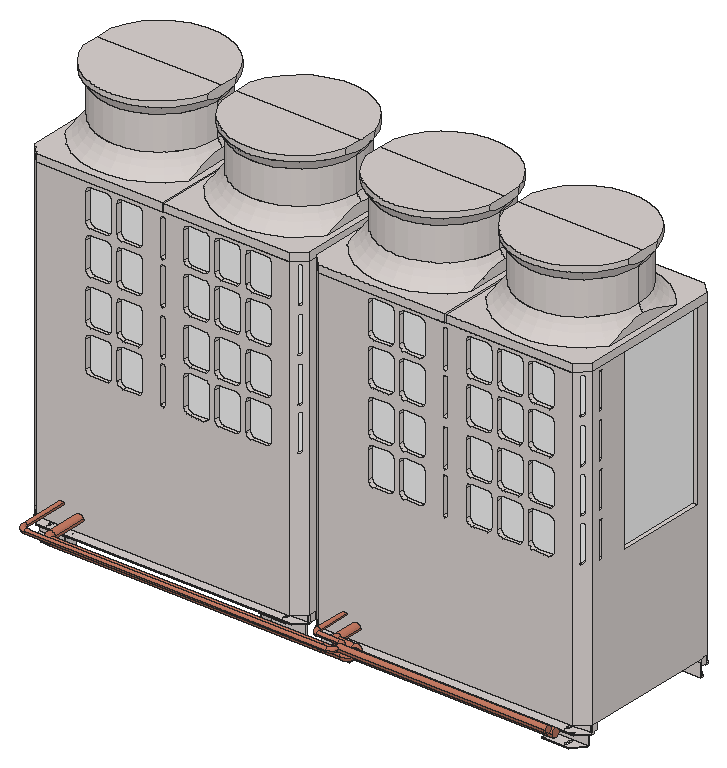
Revit family "PURY-EP800YSNW-A1", category 機械設備, Revit 2016
Family settings
  パーツ タイプ = 標準
  丸型コネクタ寸法 = 半径を使用
  OmniClass 番号 = 23.75.00.00
  OmniClass タイトル = Climate Control (HVAC)
  作業面に基づく = いいえ
  常に垂直 = はい
  ロード時にボイドで切り取り = いいえ
  共有 = いいえ
  部屋の計算ポイント = いいえ
Parameters (values of type "PURY-EP800YSNW-A1_415V_60Hz")
  WarrantyStart = ""
  Temp. range of cooling (Outdoor temp.) (D.B.) = "-5.0 to 52.0"
  Temp. range of cooling (Indoor temp.) (W.B.) = "15.0 to 24.0"
  TagNumber = 0
  SerialNumber = 0
  ReplacementYear = ""
  Outdoor unit 2 Breaker size (A) = 60
  Outdoor unit 1 Breaker size (A) = 60
  Note_1 = "Refrigerant pipe diameters may change depending on the installation condition. Please refer to the installation manual."
  モデル = "PURY-EP800YSNW-A1"
  Width = 2510.000 mm
  Voltage = 415 V
  Unit Weight (kg) = 552
  URL = "http://www.mitsubishielectric.com/"
  Temp. range of heating (Outdoor temp.) (W.B.) = "-20.0 to 15.5"
  Temp. range of heating (Indoor temp.) (D.B.) = "15.0 to 27.0"
  Subcategory = "HVAC"
  Space View = yes
  Sound Pressure Level (dB(A)) Heating mode = 72
  Sound Pressure Level (dB(A)) Cooling mode = 68
  Refrigerant type = "R410A"
  Refrigerant Charge (kg) = 16
  Protection Devices_Inverter circuit (COMP./FAN) = "Over-current protection"
  Protection Devices_High pressure (MPa) = "High pressure sensor, High pressure switch at 4.15"
  Phase = 3
  製造元 = "Mitsubishi Electric Corporation"
  Outdoor unit 2 = PURY-EP400YNW-A1 : PURY-EP400YNW-A1
  Outdoor unit 1 = PURY-EP400YNW-A1 : PURY-EP400YNW-A1
  Maximum Circuit Ampacity (A) = 61.4
  Low pressure pipe_radius = 17.465 mm
  InstallationDate = "0"
  Indoor Unit Total Capacity = "50 to 150% of outdoor unit capacity"
  Indoor Unit Model/Quantity = "P10 to P250/2 to 50"
  High pressure pipe_radius = 14.290 mm
  Hertz = 60 Hz
  Height = 1858.000 mm
  Heating SCOP (kW/kW) = 3.99
  Heating Rated Load Ampacity (A) = 43.2
  Heating Power Input (kW) = 28.01
  Heating Power Input (Nominal) (kW) = 23.56
  Heating Current Input (Nominal) (A) = 36.4
  Heating Current Input (A) = 43.2
  Heating Capacity (kW) = 100
  Heating Capacity (Nominal) (kW) = 90
  Heating COP (kW/kW) = 3.57
  Heating COP (Nominal) (kW/kW) = 3.82
  Fan_Type = "Propeller Fan"
  Fan_Quantity = 4
  Fan Motor Output (kW) = 1.84
  External static pressure (Pa) = 0
  External Finish = "Pre-coated galvanized steel sheets (+powder coating for -BS type) <MUNSELL 5Y 8/1 or similar>"
  Equip_description = "0"
  Equip_No. = 0
  Equip_ID = "0"
  Description = "0"
  Depth = 740.000 mm
  CreatedOn = "0"
  CreatedBy = "0"
  Cooling SEER (kW/kW) = 6.44
  Cooling Rated Load Ampacity (A) = 41.5
  Cooling Power Input (kW) = 26.86
  Cooling EER (kW/kW) = 3.35
  Cooling Current Input (A) = 41.5
  Cooling Capacity (kW) = 90
  Compressor_Type = "Inverter scroll hermetic compressor"
  Compressor_Quantity = 2
  Compressor_Lubricant = "MEL32"
  Compressor Motor Output (kW) = 21.6
  Category = "0"
  Barcode = "0"
  AssetIdentifier = "0"
  Airflow Rate (m3/min) = 630
  Airflow Rate (m3/h) = 37800
Reference planes
  plane 1 "Center (Front/Back)": y = 0
  plane 2: z = 0
  plane 3 "Center (Left/Right)": x = 0
  plane 4: y = 370
  plane 5 "front": y = -370
  plane 6: x = -1255
  plane 7: x = 1255
  plane 8: x = 15
  plane 9: x = -15
  plane 10: z = 1858
Forms (mm)
  Sweep 1, solid, material "Copper"
    path origin (1017.215, -4.248, 187) x (0, -1, 0) y (1, 0, 0)
      loop
        line (360, -2112.386) -> (570, -2112.386)
        arc (570, -2112.386) -> (591.213, -2103.6) -> (600, -2082.386) r 30
        line (600, -2082.386) -> (600, -725.507)
        arc (600, -725.507) -> (594.142, -711.365) -> (580, -705.507) r 20
        line (580, -705.507) -> (552.385, -705.507)
        arc (552.385, -705.507) -> (538.243, -711.365) -> (532.385, -725.507) r 20
        line (532.385, -725.507) -> (532.385, -821.501)
        arc (532.385, -821.501) -> (526.527, -835.643) -> (512.385, -841.501) r 20
        line (512.385, -841.501) -> (357.385, -841.501)
    profile origin (-1095.172, -469.248, 187) x (1, 0, 0) y (0, 0, 1)
      loop
        circle (0, 0) r 9.525
  Sweep 2, solid, material "Copper"
    path origin (1039.386, -4.248, 155) x (0, -1, 0) y (1, 0, 0)
      loop
        line (360, -2053) -> (525, -2053)
        arc (525, -2053) -> (546.213, -2044.213) -> (555, -2023) r 30
        line (555, -2023) -> (555, -800.253) -> (555, -715.253)
        arc (555, -715.253) -> (549.142, -701.111) -> (535, -695.253) r 20
        line (535, -695.253) -> (510, -695.253)
        arc (510, -695.253) -> (495.858, -701.111) -> (490, -715.253) r 20
        line (490, -715.253) -> (490, -786.253)
        arc (490, -786.253) -> (484.142, -800.395) -> (470, -806.253) r 20
        line (470, -806.253) -> (360, -806.253)
    profile origin (-1013.614, -446.748, 155) x (1, 0, 0) y (0, 0, 1)
      loop
        circle (0, 0) r 17.465
  Sweep 3, solid, material "Copper"
    path origin (934.386, -4.248, 187) x (0, -1, 0) y (1, 0, 0)
      loop
        line (565.96, -620) -> (565.96, 320.614)
    profile origin (784.693, -570.208, 187) x (0, 1, 0) y (0, 0, 1)
      loop
        circle (0, 0) r 14.29
  Sweep 4, solid, material "Copper"
    path origin (934.386, -4.248, 155.027) x (-1, 0, 0) y (0, -1, 0)
      loop
        line (585, 523.84) -> (-320, 523.84)
    profile origin (801.886, -528.088, 155.027) x (0, 1, 0) y (0, 0, 1)
      loop
        circle (0, 0) r 17.465
Dimensions and locks
  nested 1 to nested 1 = 1240.000 mm
  nested 1 to nested 2 to nested 2 = 30.000 mm, 1240.000 mm
  "High pressure pipe_radius": radius of Sweep 3 sketch curve
  "Low pressure pipe_radius": radius of Sweep 4 sketch curve
  aligned and locked: level to plane 2
Automatic sketch dimensions
  Sweep 1 sketch curve to plane 5 "front" = 8.366 mm
  Sweep 1 sketch curve to plane 5 "front" = 5.752 mm
  plane 5 "front" to Sweep 1 sketch curve = 146.634 mm
  Sweep 1 sketch curve to Sweep 1 sketch curve = 20.000 mm  (x2)
  plane 5 "front" to Sweep 1 sketch curve = 204.248 mm
  Sweep 1 sketch curve to Sweep 1 sketch curve = 27.615 mm
  Sweep 1 sketch curve to Sweep 1 sketch curve = 30.000 mm
  plane 6 to Sweep 1 sketch curve = 159.828 mm
  plane 3 "Center (Left/Right)" to Sweep 1 sketch curve = 175.714 mm
  Sweep 1 sketch curve to Sweep 1 sketch curve = 95.994 mm
  profile plane to Sweep 1 sketch curve = 0.000 mm
  Sweep 1 sketch curve to profile plane = 0.000 mm
  Sweep 2 sketch curve to plane 5 "front" = 5.752 mm  (x2)
  plane 5 "front" to Sweep 2 sketch curve = 104.248 mm
  Sweep 2 sketch curve to Sweep 2 sketch curve = 20.000 mm  (x3)
  plane 5 "front" to Sweep 2 sketch curve = 159.248 mm
  Sweep 2 sketch curve to Sweep 2 sketch curve = 25.000 mm
  plane 6 to Sweep 2 sketch curve = 241.386 mm
  plane 3 "Center (Left/Right)" to Sweep 2 sketch curve = 239.134 mm
  Sweep 2 sketch curve to Sweep 2 sketch curve = 6.000 mm
  Sweep 2 sketch curve to Sweep 2 sketch curve = 71.000 mm
  profile plane to Sweep 2 sketch curve = 0.000 mm
  Sweep 2 sketch curve to profile plane = 0.000 mm
  Sweep 3 sketch curve to plane 7 = 0.000 mm
  plane 5 "front" to Sweep 3 sketch curve = 200.208 mm
  plane 8 to Sweep 3 sketch curve = 299.386 mm
  Sweep 4 sketch curve to plane 7 = 0.614 mm
  plane 5 "front" to Sweep 4 sketch curve = 158.088 mm
  plane 8 to Sweep 4 sketch curve = 334.386 mm
  Sweep 3 sketch curve to profile plane = 0.000 mm  (x2)
  Sweep 4 sketch curve to profile plane = 0.000 mm  (x2)
  radius of Sweep 1 sketch curve = 9.525 mm
  radius of Sweep 2 sketch curve = 17.465 mm
Nested families
  nested 1: "PURY-EP400YNW-A1" at (-635, 0, 0), type <- "Outdoor unit 1", type "PURY-EP400YNW-A1"
  nested 2: "PURY-EP400YNW-A1" at (635, 0, 0), type <- "Outdoor unit 2", type "PURY-EP400YNW-A1"
Connectors
  piping at (1254.386, -528.088, 155.027), diameter 34.93, driven by "Low pressure pipe_radius"
    settings: on Sweep 4, index 1, connector inside diameter 34.93 mm, connector length 0.000 mm, flow factor 0, pipe flow 0.0 L/s, pressure drop 0.0 Pa, fitting loss kfactor 0, connector angle 0.00°, fixture units 0, engagement length 0.000 mm, angle of deflection 0.00°, flow configuration 0, flow direction 0, fitting loss method 0, system type 22, joint type 0, gender type 0, connector reference index -1, connector utility 0, adjustable connector no, is connector primary yes, connector description "BC controller-Twinning pipe(Low pressure)"
  piping at (1255, -570.208, 187), diameter 28.58, driven by "High pressure pipe_radius"
    settings: on Sweep 3, index 2, connector inside diameter 28.58 mm, connector length 0.000 mm, flow factor 0, pipe flow 0.0 L/s, pressure drop 0.0 Pa, fitting loss kfactor 0, connector angle 0.00°, fixture units 0, engagement length 0.000 mm, angle of deflection 0.00°, flow configuration 0, flow direction 0, fitting loss method 0, system type 22, joint type 0, gender type 0, connector reference index -1, connector utility 0, adjustable connector no, is connector primary no, connector description "BC controller-Twinning pipe(High pressure)"
  electrical at (319, -370, 280), driven by "Phase", driven by "Voltage"
    settings: index 4, voltage 415 V, apparent load 0 VA, apparent load phase1 0 VA, apparent load phase2 0 VA, apparent load phase3 0 VA, power factor 1, load classification "その他", number of poles 3, system type 30, power factor state 1, is connector primary yes, connector utility no, sub classification motor no, connector description ""
  electrical at (-633, -370, 280), driven by "Phase", driven by "Voltage"
    settings: index 5, voltage 415 V, apparent load 0 VA, apparent load phase1 0 VA, apparent load phase2 0 VA, apparent load phase3 0 VA, power factor 1, load classification "その他", number of poles 3, system type 30, power factor state 1, is connector primary no, connector utility no, sub classification motor no, connector description ""
Definition of nested family "PURY-EP400YNW-A1"
  Parameters
    Model = "PURY-P400YNW-A"
    URL = "http://www.mitsubishielectric.com/"
    Manufacturer = "Mitsubishi Electric Corporation"
    Liquid pipe_radius = 12.700 mm
    Gas pipe_radius = 14.290 mm
  Reference planes
    plane 1 "Center (Front/Back)": y = 0
    plane 2: z = 0
    plane 3 "Center (Left/Right)": x = 0
    plane 4: y = 370
    plane 5: z = 1858
    plane 6: y = -260
    plane 7: y = -204
    plane 8: y = -185
    plane 9: x = -620
    plane 10: x = 620
    plane 11: x = -620
    plane 12: z = 716
    plane 13: x = -524
    plane 14: z = 669
    plane 15: x = -50.5
    plane 16: x = 51
    plane 17: x = 489
    plane 18: x = 467
    plane 19 "132": x = 488
    plane 20 "100": z = 160
    plane 21: z = 185
    plane 22: x = 413
    plane 23: x = 364
    plane 24: z = 150
    plane 25: x = -287.25
    plane 26: x = -137.25
    plane 27: x = -272.25
    plane 28: y = -278
    plane 29: z = 1509
    plane 30: y = -370
    plane 31: x = -530
    plane 32: x = 530
    plane 33 "179": y = -191
  Forms (mm)
    Extrusion 1, solid
      sketch origin (-1, 0, 113) x (-1, 0, 0) y (0, -1, 0)
        loop
          line (569, -370) -> (619, -320) -> (619, 320) -> (569, 370) -> (-571, 370) -> (-621, 320) -> (-621, -320) -> (-571, -370) -> (569, -370)
      from -18 to 1408
    Extrusion 2, void
      sketch origin (524, -370, 113) x (1, 0, 0) y (0, 0, -1)
        loop
          arc (-60.8, -1393.5) -> (-42.557, -1385.943) -> (-35, -1367.7) r 25.8
          line (-35, -1367.7) -> (-35, -1248.5)
          arc (-35, -1248.5) -> (-42.557, -1230.257) -> (-60.8, -1222.7) r 25.8
          line (-60.8, -1222.7) -> (-126, -1222.7)
          arc (-126, -1222.7) -> (-144.243, -1230.257) -> (-151.8, -1248.5) r 25.8
          line (-151.8, -1248.5) -> (-151.8, -1367.7)
          arc (-151.8, -1367.7) -> (-144.243, -1385.943) -> (-126, -1393.5) r 25.8
          line (-126, -1393.5) -> (-60.8, -1393.5)
      from 0 to 20
    Extrusion 3, void
      sketch origin (524, -370, -81) x (1, 0, 0) y (0, 0, -1)
        loop
          arc (-60.8, -1393.5) -> (-42.557, -1385.943) -> (-35, -1367.7) r 25.8
          line (-35, -1367.7) -> (-35, -1248.5)
          arc (-35, -1248.5) -> (-42.557, -1230.257) -> (-60.8, -1222.7) r 25.8
          line (-60.8, -1222.7) -> (-126, -1222.7)
          arc (-126, -1222.7) -> (-144.243, -1230.257) -> (-151.8, -1248.5) r 25.8
          line (-151.8, -1248.5) -> (-151.8, -1367.7)
          arc (-151.8, -1367.7) -> (-144.243, -1385.943) -> (-126, -1393.5) r 25.8
          line (-126, -1393.5) -> (-60.8, -1393.5)
      from 0 to 20
    Extrusion 4, void
      sketch origin (524, -370, -287) x (1, 0, 0) y (0, 0, -1)
        loop
          arc (-60.8, -1393.5) -> (-42.557, -1385.943) -> (-35, -1367.7) r 25.8
          line (-35, -1367.7) -> (-35, -1248.5)
          arc (-35, -1248.5) -> (-42.557, -1230.257) -> (-60.8, -1222.7) r 25.8
          line (-60.8, -1222.7) -> (-126, -1222.7)
          arc (-126, -1222.7) -> (-144.243, -1230.257) -> (-151.8, -1248.5) r 25.8
          line (-151.8, -1248.5) -> (-151.8, -1367.7)
          arc (-151.8, -1367.7) -> (-144.243, -1385.943) -> (-126, -1393.5) r 25.8
          line (-126, -1393.5) -> (-60.8, -1393.5)
      from 0 to 20
    Extrusion 5, void
      sketch origin (524, -370, -481) x (1, 0, 0) y (0, 0, -1)
        loop
          arc (-60.8, -1393.5) -> (-42.557, -1385.943) -> (-35, -1367.7) r 25.8
          line (-35, -1367.7) -> (-35, -1248.5)
          arc (-35, -1248.5) -> (-42.557, -1230.257) -> (-60.8, -1222.7) r 25.8
          line (-60.8, -1222.7) -> (-126, -1222.7)
          arc (-126, -1222.7) -> (-144.243, -1230.257) -> (-151.8, -1248.5) r 25.8
          line (-151.8, -1248.5) -> (-151.8, -1367.7)
          arc (-151.8, -1367.7) -> (-144.243, -1385.943) -> (-126, -1393.5) r 25.8
          line (-126, -1393.5) -> (-60.8, -1393.5)
      from 0 to 20
    Extrusion 6, void
      sketch origin (384, -370, 113) x (1, 0, 0) y (0, 0, -1)
        loop
          arc (-60.8, -1393.5) -> (-42.557, -1385.943) -> (-35, -1367.7) r 25.8
          line (-35, -1367.7) -> (-35, -1248.5)
          arc (-35, -1248.5) -> (-42.557, -1230.257) -> (-60.8, -1222.7) r 25.8
          line (-60.8, -1222.7) -> (-126, -1222.7)
          arc (-126, -1222.7) -> (-144.243, -1230.257) -> (-151.8, -1248.5) r 25.8
          line (-151.8, -1248.5) -> (-151.8, -1367.7)
          arc (-151.8, -1367.7) -> (-144.243, -1385.943) -> (-126, -1393.5) r 25.8
          line (-126, -1393.5) -> (-60.8, -1393.5)
      from 0 to 20
    Extrusion 7, void
      sketch origin (384, -370, -81) x (1, 0, 0) y (0, 0, -1)
        loop
          arc (-60.8, -1393.5) -> (-42.557, -1385.943) -> (-35, -1367.7) r 25.8
          line (-35, -1367.7) -> (-35, -1248.5)
          arc (-35, -1248.5) -> (-42.557, -1230.257) -> (-60.8, -1222.7) r 25.8
          line (-60.8, -1222.7) -> (-126, -1222.7)
          arc (-126, -1222.7) -> (-144.243, -1230.257) -> (-151.8, -1248.5) r 25.8
          line (-151.8, -1248.5) -> (-151.8, -1367.7)
          arc (-151.8, -1367.7) -> (-144.243, -1385.943) -> (-126, -1393.5) r 25.8
          line (-126, -1393.5) -> (-60.8, -1393.5)
      from 0 to 20
    Extrusion 8, void
      sketch origin (384, -370, -287) x (1, 0, 0) y (0, 0, -1)
        loop
          arc (-60.8, -1393.5) -> (-42.557, -1385.943) -> (-35, -1367.7) r 25.8
          line (-35, -1367.7) -> (-35, -1248.5)
          arc (-35, -1248.5) -> (-42.557, -1230.257) -> (-60.8, -1222.7) r 25.8
          line (-60.8, -1222.7) -> (-126, -1222.7)
          arc (-126, -1222.7) -> (-144.243, -1230.257) -> (-151.8, -1248.5) r 25.8
          line (-151.8, -1248.5) -> (-151.8, -1367.7)
          arc (-151.8, -1367.7) -> (-144.243, -1385.943) -> (-126, -1393.5) r 25.8
          line (-126, -1393.5) -> (-60.8, -1393.5)
      from 0 to 20
    Extrusion 9, void
      sketch origin (384, -370, -481) x (1, 0, 0) y (0, 0, -1)
        loop
          arc (-60.8, -1393.5) -> (-42.557, -1385.943) -> (-35, -1367.7) r 25.8
          line (-35, -1367.7) -> (-35, -1248.5)
          arc (-35, -1248.5) -> (-42.557, -1230.257) -> (-60.8, -1222.7) r 25.8
          line (-60.8, -1222.7) -> (-126, -1222.7)
          arc (-126, -1222.7) -> (-144.243, -1230.257) -> (-151.8, -1248.5) r 25.8
          line (-151.8, -1248.5) -> (-151.8, -1367.7)
          arc (-151.8, -1367.7) -> (-144.243, -1385.943) -> (-126, -1393.5) r 25.8
          line (-126, -1393.5) -> (-60.8, -1393.5)
      from 0 to 20
    Extrusion 10, void
      sketch origin (244, -370, 113) x (1, 0, 0) y (0, 0, -1)
        loop
          arc (-60.8, -1393.5) -> (-42.557, -1385.943) -> (-35, -1367.7) r 25.8
          line (-35, -1367.7) -> (-35, -1248.5)
          arc (-35, -1248.5) -> (-42.557, -1230.257) -> (-60.8, -1222.7) r 25.8
          line (-60.8, -1222.7) -> (-126, -1222.7)
          arc (-126, -1222.7) -> (-144.243, -1230.257) -> (-151.8, -1248.5) r 25.8
          line (-151.8, -1248.5) -> (-151.8, -1367.7)
          arc (-151.8, -1367.7) -> (-144.243, -1385.943) -> (-126, -1393.5) r 25.8
          line (-126, -1393.5) -> (-60.8, -1393.5)
      from 0 to 20
    Extrusion 11, void
      sketch origin (244, -370, -81) x (1, 0, 0) y (0, 0, -1)
        loop
          arc (-60.8, -1393.5) -> (-42.557, -1385.943) -> (-35, -1367.7) r 25.8
          line (-35, -1367.7) -> (-35, -1248.5)
          arc (-35, -1248.5) -> (-42.557, -1230.257) -> (-60.8, -1222.7) r 25.8
          line (-60.8, -1222.7) -> (-126, -1222.7)
          arc (-126, -1222.7) -> (-144.243, -1230.257) -> (-151.8, -1248.5) r 25.8
          line (-151.8, -1248.5) -> (-151.8, -1367.7)
          arc (-151.8, -1367.7) -> (-144.243, -1385.943) -> (-126, -1393.5) r 25.8
          line (-126, -1393.5) -> (-60.8, -1393.5)
      from 0 to 20
    Extrusion 12, void
      sketch origin (244, -370, -287) x (1, 0, 0) y (0, 0, -1)
        loop
          arc (-60.8, -1393.5) -> (-42.557, -1385.943) -> (-35, -1367.7) r 25.8
          line (-35, -1367.7) -> (-35, -1248.5)
          arc (-35, -1248.5) -> (-42.557, -1230.257) -> (-60.8, -1222.7) r 25.8
          line (-60.8, -1222.7) -> (-126, -1222.7)
          arc (-126, -1222.7) -> (-144.243, -1230.257) -> (-151.8, -1248.5) r 25.8
          line (-151.8, -1248.5) -> (-151.8, -1367.7)
          arc (-151.8, -1367.7) -> (-144.243, -1385.943) -> (-126, -1393.5) r 25.8
          line (-126, -1393.5) -> (-60.8, -1393.5)
      from 0 to 20
    Extrusion 13, void
      sketch origin (244, -370, -481) x (1, 0, 0) y (0, 0, -1)
        loop
          arc (-60.8, -1393.5) -> (-42.557, -1385.943) -> (-35, -1367.7) r 25.8
          line (-35, -1367.7) -> (-35, -1248.5)
          arc (-35, -1248.5) -> (-42.557, -1230.257) -> (-60.8, -1222.7) r 25.8
          line (-60.8, -1222.7) -> (-126, -1222.7)
          arc (-126, -1222.7) -> (-144.243, -1230.257) -> (-151.8, -1248.5) r 25.8
          line (-151.8, -1248.5) -> (-151.8, -1367.7)
          arc (-151.8, -1367.7) -> (-144.243, -1385.943) -> (-126, -1393.5) r 25.8
          line (-126, -1393.5) -> (-60.8, -1393.5)
      from 0 to 20
    Extrusion 14, void
      sketch origin (-56, -370, 113) x (1, 0, 0) y (0, 0, -1)
        loop
          arc (-60.8, -1393.5) -> (-42.557, -1385.943) -> (-35, -1367.7) r 25.8
          line (-35, -1367.7) -> (-35, -1248.5)
          arc (-35, -1248.5) -> (-42.557, -1230.257) -> (-60.8, -1222.7) r 25.8
          line (-60.8, -1222.7) -> (-126, -1222.7)
          arc (-126, -1222.7) -> (-144.243, -1230.257) -> (-151.8, -1248.5) r 25.8
          line (-151.8, -1248.5) -> (-151.8, -1367.7)
          arc (-151.8, -1367.7) -> (-144.243, -1385.943) -> (-126, -1393.5) r 25.8
          line (-126, -1393.5) -> (-60.8, -1393.5)
      from 0 to 20
    Extrusion 15, void
      sketch origin (-56, -370, -81) x (1, 0, 0) y (0, 0, -1)
        loop
          arc (-60.8, -1393.5) -> (-42.557, -1385.943) -> (-35, -1367.7) r 25.8
          line (-35, -1367.7) -> (-35, -1248.5)
          arc (-35, -1248.5) -> (-42.557, -1230.257) -> (-60.8, -1222.7) r 25.8
          line (-60.8, -1222.7) -> (-126, -1222.7)
          arc (-126, -1222.7) -> (-144.243, -1230.257) -> (-151.8, -1248.5) r 25.8
          line (-151.8, -1248.5) -> (-151.8, -1367.7)
          arc (-151.8, -1367.7) -> (-144.243, -1385.943) -> (-126, -1393.5) r 25.8
          line (-126, -1393.5) -> (-60.8, -1393.5)
      from 0 to 20
    Extrusion 16, void
      sketch origin (-56, -370, -287) x (1, 0, 0) y (0, 0, -1)
        loop
          arc (-60.8, -1393.5) -> (-42.557, -1385.943) -> (-35, -1367.7) r 25.8
          line (-35, -1367.7) -> (-35, -1248.5)
          arc (-35, -1248.5) -> (-42.557, -1230.257) -> (-60.8, -1222.7) r 25.8
          line (-60.8, -1222.7) -> (-126, -1222.7)
          arc (-126, -1222.7) -> (-144.243, -1230.257) -> (-151.8, -1248.5) r 25.8
          line (-151.8, -1248.5) -> (-151.8, -1367.7)
          arc (-151.8, -1367.7) -> (-144.243, -1385.943) -> (-126, -1393.5) r 25.8
          line (-126, -1393.5) -> (-60.8, -1393.5)
      from 0 to 20
    Extrusion 17, void
      sketch origin (-56, -370, -481) x (1, 0, 0) y (0, 0, -1)
        loop
          arc (-60.8, -1393.5) -> (-42.557, -1385.943) -> (-35, -1367.7) r 25.8
          line (-35, -1367.7) -> (-35, -1248.5)
          arc (-35, -1248.5) -> (-42.557, -1230.257) -> (-60.8, -1222.7) r 25.8
          line (-60.8, -1222.7) -> (-126, -1222.7)
          arc (-126, -1222.7) -> (-144.243, -1230.257) -> (-151.8, -1248.5) r 25.8
          line (-151.8, -1248.5) -> (-151.8, -1367.7)
          arc (-151.8, -1367.7) -> (-144.243, -1385.943) -> (-126, -1393.5) r 25.8
          line (-126, -1393.5) -> (-60.8, -1393.5)
      from 0 to 20
    Extrusion 18, void
      sketch origin (-196, -370, 113) x (1, 0, 0) y (0, 0, -1)
        loop
          arc (-60.8, -1393.5) -> (-42.557, -1385.943) -> (-35, -1367.7) r 25.8
          line (-35, -1367.7) -> (-35, -1248.5)
          arc (-35, -1248.5) -> (-42.557, -1230.257) -> (-60.8, -1222.7) r 25.8
          line (-60.8, -1222.7) -> (-126, -1222.7)
          arc (-126, -1222.7) -> (-144.243, -1230.257) -> (-151.8, -1248.5) r 25.8
          line (-151.8, -1248.5) -> (-151.8, -1367.7)
          arc (-151.8, -1367.7) -> (-144.243, -1385.943) -> (-126, -1393.5) r 25.8
          line (-126, -1393.5) -> (-60.8, -1393.5)
      from 0 to 20
    Extrusion 19, void
      sketch origin (-196, -370, -81) x (1, 0, 0) y (0, 0, -1)
        loop
          arc (-60.8, -1393.5) -> (-42.557, -1385.943) -> (-35, -1367.7) r 25.8
          line (-35, -1367.7) -> (-35, -1248.5)
          arc (-35, -1248.5) -> (-42.557, -1230.257) -> (-60.8, -1222.7) r 25.8
          line (-60.8, -1222.7) -> (-126, -1222.7)
          arc (-126, -1222.7) -> (-144.243, -1230.257) -> (-151.8, -1248.5) r 25.8
          line (-151.8, -1248.5) -> (-151.8, -1367.7)
          arc (-151.8, -1367.7) -> (-144.243, -1385.943) -> (-126, -1393.5) r 25.8
          line (-126, -1393.5) -> (-60.8, -1393.5)
      from 0 to 20
    Extrusion 20, void
      sketch origin (-196, -370, -287) x (1, 0, 0) y (0, 0, -1)
        loop
          arc (-60.8, -1393.5) -> (-42.557, -1385.943) -> (-35, -1367.7) r 25.8
          line (-35, -1367.7) -> (-35, -1248.5)
          arc (-35, -1248.5) -> (-42.557, -1230.257) -> (-60.8, -1222.7) r 25.8
          line (-60.8, -1222.7) -> (-126, -1222.7)
          arc (-126, -1222.7) -> (-144.243, -1230.257) -> (-151.8, -1248.5) r 25.8
          line (-151.8, -1248.5) -> (-151.8, -1367.7)
          arc (-151.8, -1367.7) -> (-144.243, -1385.943) -> (-126, -1393.5) r 25.8
          line (-126, -1393.5) -> (-60.8, -1393.5)
      from 0 to 20
    Extrusion 21, void
      sketch origin (-196, -370, -481) x (1, 0, 0) y (0, 0, -1)
        loop
          arc (-60.8, -1393.5) -> (-42.557, -1385.943) -> (-35, -1367.7) r 25.8
          line (-35, -1367.7) -> (-35, -1248.5)
          arc (-35, -1248.5) -> (-42.557, -1230.257) -> (-60.8, -1222.7) r 25.8
          line (-60.8, -1222.7) -> (-126, -1222.7)
          arc (-126, -1222.7) -> (-144.243, -1230.257) -> (-151.8, -1248.5) r 25.8
          line (-151.8, -1248.5) -> (-151.8, -1367.7)
          arc (-151.8, -1367.7) -> (-144.243, -1385.943) -> (-126, -1393.5) r 25.8
          line (-126, -1393.5) -> (-60.8, -1393.5)
      from 0 to 20
    Extrusion 22, void
      sketch origin (620, 320, 113) x (0, 1, 0) y (0, 0, -1)
        loop
          line (-462.3, -1408) -> (-50.8, -1408) -> (-50.8, -612) -> (-462.3, -612) -> (-462.3, -1408)
      from 0 to 20
    Extrusion 23, void
      sketch origin (-620, -320, 113) x (0, -1, 0) y (0, 0, -1)
        loop
          line (-535.7, -1408) -> (-207.7, -1408) -> (-207.7, -592) -> (-535.7, -592) -> (-535.7, -1408)
      from 0 to 20
    Extrusion 24, void
      sketch origin (194.892, 370, 113) x (-1, 0, 0) y (0, 0, -1)
        loop
          arc (204.892, -1225.013) -> (194.892, -1215.013) -> (184.892, -1225.013) r 10
          line (184.892, -1225.013) -> (184.892, -1379.987)
          arc (184.892, -1379.987) -> (194.892, -1389.987) -> (204.892, -1379.987) r 10
          line (204.892, -1379.987) -> (204.892, -1225.013)
        loop
          arc (204.892, -1031.013) -> (194.892, -1021.013) -> (184.892, -1031.013) r 10
          line (184.892, -1031.013) -> (184.892, -1185.987)
          arc (184.892, -1185.987) -> (194.892, -1195.987) -> (204.892, -1185.987) r 10
          line (204.892, -1185.987) -> (204.892, -1031.013)
        loop
          arc (204.892, -825.013) -> (194.892, -815.013) -> (184.892, -825.013) r 10
          line (184.892, -825.013) -> (184.892, -979.987)
          arc (184.892, -979.987) -> (194.892, -989.987) -> (204.892, -979.987) r 10
          line (204.892, -979.987) -> (204.892, -825.013)
        loop
          arc (204.892, -631.013) -> (194.892, -621.013) -> (184.892, -631.013) r 10
          line (184.892, -631.013) -> (184.892, -785.987)
          arc (184.892, -785.987) -> (194.892, -795.987) -> (204.892, -785.987) r 10
          line (204.892, -785.987) -> (204.892, -631.013)
      from 0 to 20
    Extrusion 25, void
      sketch origin (-570, 370, 113) x (0.707107, 0.707107, 0) y (0, 0, 1)
        loop
          arc (-45.355, 1236) -> (-35.355, 1226) -> (-25.355, 1236) r 10
          line (-25.355, 1236) -> (-25.355, 1386)
          arc (-25.355, 1386) -> (-35.355, 1396) -> (-45.355, 1386) r 10
          line (-45.355, 1386) -> (-45.355, 1236)
        loop
          arc (-45.355, 1036) -> (-35.355, 1026) -> (-25.355, 1036) r 10
          line (-25.355, 1036) -> (-25.355, 1186)
          arc (-25.355, 1186) -> (-35.355, 1196) -> (-45.355, 1186) r 10
          line (-45.355, 1186) -> (-45.355, 1036)
        loop
          arc (-45.355, 836) -> (-35.355, 826) -> (-25.355, 836) r 10
          line (-25.355, 836) -> (-25.355, 986)
          arc (-25.355, 986) -> (-35.355, 996) -> (-45.355, 986) r 10
          line (-45.355, 986) -> (-45.355, 836)
        loop
          arc (-45.355, 641) -> (-35.355, 631) -> (-25.355, 641) r 10
          line (-25.355, 641) -> (-25.355, 791)
          arc (-25.355, 791) -> (-35.355, 801) -> (-45.355, 791) r 10
          line (-45.355, 791) -> (-45.355, 641)
      from 0 to 20
    Extrusion 26, void
      sketch origin (-620, -320, 113) x (0, -1, 0) y (0, 0, -1)
        loop
          line (-607.846, -1035.895) -> (-607.846, -1186.105)
          arc (-607.846, -1186.105) -> (-597.846, -1196.105) -> (-587.846, -1186.105) r 10
          line (-587.846, -1186.105) -> (-587.846, -1035.895)
          arc (-587.846, -1035.895) -> (-597.846, -1025.895) -> (-607.846, -1035.895) r 10
        loop
          line (-607.846, -835.895) -> (-607.846, -986.105)
          arc (-607.846, -986.105) -> (-597.846, -996.105) -> (-587.846, -986.105) r 10
          line (-587.846, -986.105) -> (-587.846, -835.895)
          arc (-587.846, -835.895) -> (-597.846, -825.895) -> (-607.846, -835.895) r 10
        loop
          line (-607.846, -1235.895) -> (-607.846, -1386.105)
          arc (-607.846, -1386.105) -> (-597.846, -1396.105) -> (-587.846, -1386.105) r 10
          line (-587.846, -1386.105) -> (-587.846, -1235.895)
          arc (-587.846, -1235.895) -> (-597.846, -1225.895) -> (-607.846, -1235.895) r 10
        loop
          line (-607.846, -635.895) -> (-607.846, -786.105)
          arc (-607.846, -786.105) -> (-597.846, -796.105) -> (-587.846, -786.105) r 10
          line (-587.846, -786.105) -> (-587.846, -635.895)
          arc (-587.846, -635.895) -> (-597.846, -625.895) -> (-607.846, -635.895) r 10
      from 0 to 20
    Extrusion 27, void
      sketch origin (1079, -370, 113) x (1, 0, 0) y (0, 0, -1)
        loop
          arc (-1089, -1379.975) -> (-1079, -1389.975) -> (-1069, -1379.975) r 10
          line (-1069, -1379.975) -> (-1069, -1225)
          arc (-1069, -1225) -> (-1079, -1215) -> (-1089, -1225) r 10
          line (-1089, -1225) -> (-1089, -1379.975)
        loop
          arc (-1089, -1185.975) -> (-1079, -1195.975) -> (-1069, -1185.975) r 10
          line (-1069, -1185.975) -> (-1069, -1031)
          arc (-1069, -1031) -> (-1079, -1021) -> (-1089, -1031) r 10
          line (-1089, -1031) -> (-1089, -1185.975)
        loop
          arc (-1089, -979.975) -> (-1079, -989.975) -> (-1069, -979.975) r 10
          line (-1069, -979.975) -> (-1069, -825)
          arc (-1069, -825) -> (-1079, -815) -> (-1089, -825) r 10
          line (-1089, -825) -> (-1089, -979.975)
        loop
          arc (-1089, -785.975) -> (-1079, -795.975) -> (-1069, -785.975) r 10
          line (-1069, -785.975) -> (-1069, -631)
          arc (-1069, -631) -> (-1079, -621) -> (-1089, -631) r 10
          line (-1089, -631) -> (-1089, -785.975)
      from 0 to 20
    Extrusion 28, void
      sketch origin (-571, 370, 113) x (-1, 0, 0) y (0, 0, -1)
        loop
          line (-519.5, -1408) -> (-48, -1408) -> (-48, -556) -> (-519.5, -556) -> (-519.5, -1408)
      from 0 to 20
    Extrusion 29, void
      sketch origin (-571, 370, 113) x (-1, 0, 0) y (0, 0, -1)
        loop
          line (-1038, -1408) -> (-622, -1408) -> (-622, -556) -> (-1038, -556) -> (-1038, -1408)
      from 0 to 20
    Extrusion 30, void
      sketch origin (620, 320, 113) x (0, 1, 0) y (0, 0, -1)
        loop
          arc (-588, -1035.791) -> (-598, -1025.791) -> (-608, -1035.791) r 10
          line (-608, -1035.791) -> (-608, -1186)
          arc (-608, -1186) -> (-598, -1196) -> (-588, -1186) r 10
          line (-588, -1186) -> (-588, -1035.791)
        loop
          arc (-588, -835.791) -> (-598, -825.791) -> (-608, -835.791) r 10
          line (-608, -835.791) -> (-608, -986)
          arc (-608, -986) -> (-598, -996) -> (-588, -986) r 10
          line (-588, -986) -> (-588, -835.791)
        loop
          arc (-588, -1235.791) -> (-598, -1225.791) -> (-608, -1235.791) r 10
          line (-608, -1235.791) -> (-608, -1386)
          arc (-608, -1386) -> (-598, -1396) -> (-588, -1386) r 10
          line (-588, -1386) -> (-588, -1235.791)
        loop
          arc (-588, -635.791) -> (-598, -625.791) -> (-608, -635.791) r 10
          line (-608, -635.791) -> (-608, -786)
          arc (-608, -786) -> (-598, -796) -> (-588, -786) r 10
          line (-588, -786) -> (-588, -635.791)
      from 0 to 20
    Extrusion 31, void
      sketch origin (1291.751, 351.751, 113) x (0.707107, 0.707107, 0) y (0, 0, -1)
        loop
          line (-995.311, -1236) -> (-995.311, -1386)
          arc (-995.311, -1386) -> (-985.311, -1396) -> (-975.311, -1386) r 10
          line (-975.311, -1386) -> (-975.311, -1236)
          arc (-975.311, -1236) -> (-985.311, -1226) -> (-995.311, -1236) r 10
        loop
          line (-995.311, -1036) -> (-995.311, -1186)
          arc (-995.311, -1186) -> (-985.311, -1196) -> (-975.311, -1186) r 10
          line (-975.311, -1186) -> (-975.311, -1036)
          arc (-975.311, -1036) -> (-985.311, -1026) -> (-995.311, -1036) r 10
        loop
          line (-995.311, -836) -> (-995.311, -986)
          arc (-995.311, -986) -> (-985.311, -996) -> (-975.311, -986) r 10
          line (-975.311, -986) -> (-975.311, -836)
          arc (-975.311, -836) -> (-985.311, -826) -> (-995.311, -836) r 10
        loop
          line (-995.311, -641) -> (-995.311, -791)
          arc (-995.311, -791) -> (-985.311, -801) -> (-975.311, -791) r 10
          line (-975.311, -791) -> (-975.311, -641)
          arc (-975.311, -641) -> (-985.311, -631) -> (-995.311, -641) r 10
      from 0 to 20
    Extrusion 32, void
      sketch origin (0, -191, 0) x (-1, 0, 0) y (0, 0, 1)
        loop
          circle (460, 176) r 6.35
      from 0 to 78.7
    Extrusion 33, void
      sketch origin (0, -191, 0) x (-1, 0, 0) y (0, 0, 1)
        loop
          circle (377, 176) r 14.29
      from 0 to 78.7
  Cuts and joins
    Extrusion 2, Extrusion 3, Extrusion 4, Extrusion 5, Extrusion 6, Extrusion 7, Extrusion 8, Extrusion 9, Extrusion 10, Extrusion 11, Extrusion 12, Extrusion 13, Extrusion 14, Extrusion 15, Extrusion 16, Extrusion 17, Extrusion 18, Extrusion 19, Extrusion 20, Extrusion 21, Extrusion 22, Extrusion 23, Extrusion 24, Extrusion 25, Extrusion 26, Extrusion 27, Extrusion 28, Extrusion 29, Extrusion 30, Extrusion 31, Extrusion 32, Extrusion 33 cuts Extrusion 1
  Lines and regions (mm)
    model lines
      curve 1: line (-351, -291, 95) -> (-481, -291, 95)
      curve 2: line (-342, -206, 95) -> (-342, -282, 95)
      curve 3: line (-481, -197, 95) -> (-351, -197, 95)
      curve 4: line (-492, -280, 95) -> (-492, -208, 95)
      curve 5: arc (-492, -280, 95) -> (-488.778, -287.778, 95) -> (-481, -291, 95) r 11
      curve 6: arc (-351, -291, 95) -> (-344.636, -288.364, 95) -> (-342, -282, 95) r 9
      curve 7: arc (-342, -206, 95) -> (-344.636, -199.636, 95) -> (-351, -197, 95) r 9
      curve 8: arc (-481, -197, 95) -> (-488.778, -200.222, 95) -> (-492, -208, 95) r 11
      curve 9: line (-30, -370, 1521) -> (-30, -370, 95)
      curve 10: line (30, -370, 1521) -> (30, -370, 95)
      curve 11: line (-485, -370, 215) -> (-357, -370, 215)
      curve 12: line (-495, -370, 141) -> (-495, -370, 205)
      curve 13: line (-357, -370, 131) -> (-485, -370, 131)
      curve 14: line (-347, -370, 205) -> (-347, -370, 141)
      curve 15: arc (-485, -370, 215) -> (-492.071, -370, 212.071) -> (-495, -370, 205) r 10
      curve 16: arc (-495, -370, 141) -> (-492.071, -370, 133.929) -> (-485, -370, 131) r 10
      curve 17: arc (-357, -370, 131) -> (-349.929, -370, 133.929) -> (-347, -370, 141) r 10
      curve 18: arc (-347, -370, 205) -> (-349.929, -370, 212.071) -> (-357, -370, 215) r 10
      curve 19: line (-405, -370, 1521) -> (-405, -370, 716)
      curve 20: line (620, -162.3, 1521) -> (620, -162.3, 95)
      curve 21: line (620, 289.2, 1521) -> (620, 289.2, 95)
      curve 22: line (620, -162.3, 705) -> (620, 289.2, 705)
      curve 23: line (620, -162.3, 725) -> (620, 289.2, 725)
      curve 24: line (620, -76.8, 583) -> (620, 203.2, 583)
      curve 25: line (620, 203.2, 563) -> (620, -76.8, 563)
      curve 26: arc (620, -76.8, 583) -> (620, -83.871, 580.071) -> (620, -86.8, 573) r 10
      curve 27: arc (620, -76.8, 563) -> (620, -83.871, 565.929) -> (620, -86.8, 573) r 10
      curve 28: arc (620, 203.2, 583) -> (620, 210.271, 580.071) -> (620, 213.2, 573) r 10
      curve 29: arc (620, 203.2, 563) -> (620, 210.271, 565.929) -> (620, 213.2, 573) r 10
      curve 30: line (620, -76.8, 478) -> (620, 203.2, 478)
      curve 31: line (620, 203.2, 458) -> (620, -76.8, 458)
      curve 32: arc (620, -76.8, 478) -> (620, -83.871, 475.071) -> (620, -86.8, 468) r 10
      curve 33: arc (620, -76.8, 458) -> (620, -83.871, 460.929) -> (620, -86.8, 468) r 10
      curve 34: arc (620, 203.2, 478) -> (620, 210.271, 475.071) -> (620, 213.2, 468) r 10
      curve 35: arc (620, 203.2, 458) -> (620, 210.271, 460.929) -> (620, 213.2, 468) r 10
      curve 36: line (620, -76.8, 373) -> (620, 203.2, 373)
      curve 37: line (620, 203.2, 353) -> (620, -76.8, 353)
      curve 38: arc (620, -76.8, 373) -> (620, -83.871, 370.071) -> (620, -86.8, 363) r 10
      curve 39: arc (620, -76.8, 353) -> (620, -83.871, 355.929) -> (620, -86.8, 363) r 10
      curve 40: arc (620, 203.2, 373) -> (620, 210.271, 370.071) -> (620, 213.2, 363) r 10
      curve 41: arc (620, 203.2, 353) -> (620, 210.271, 355.929) -> (620, 213.2, 363) r 10
      curve 42: line (620, -76.8, 268) -> (620, 203.2, 268)
      curve 43: line (620, 203.2, 248) -> (620, -76.8, 248)
      curve 44: arc (620, -76.8, 268) -> (620, -83.871, 265.071) -> (620, -86.8, 258) r 10
      curve 45: arc (620, -76.8, 248) -> (620, -83.871, 250.929) -> (620, -86.8, 258) r 10
      curve 46: arc (620, 203.2, 268) -> (620, 210.271, 265.071) -> (620, 213.2, 258) r 10
      curve 47: arc (620, 203.2, 248) -> (620, 210.271, 250.929) -> (620, 213.2, 258) r 10
      curve 48: line (-620, -162.3, 1521) -> (-620, -162.3, 95)
      curve 49: line (-620, 235.7, 1521) -> (-620, 235.7, 95)
      curve 50: line (-620, -112.3, 1521) -> (-620, -112.3, 705)
      curve 51: line (-620, 215.7, 1521) -> (-620, 215.7, 705)
      curve 52: line (-620, 235.7, 705) -> (-620, -162.3, 705)
      curve 53: line (-620, 176.7, 268) -> (-620, -103.3, 268)
      curve 54: line (-620, -103.3, 248) -> (-620, 176.7, 248)
      curve 55: arc (-620, 186.7, 258) -> (-620, 183.771, 265.071) -> (-620, 176.7, 268) r 10
      curve 56: arc (-620, 176.7, 248) -> (-620, 183.771, 250.929) -> (-620, 186.7, 258) r 10
      curve 57: arc (-620, -103.3, 268) -> (-620, -110.371, 265.071) -> (-620, -113.3, 258) r 10
      curve 58: arc (-620, -113.3, 258) -> (-620, -110.371, 250.929) -> (-620, -103.3, 248) r 10
      curve 59: line (-620, 176.7, 373) -> (-620, -103.3, 373)
      curve 60: line (-620, -103.3, 353) -> (-620, 176.7, 353)
      curve 61: arc (-620, 186.7, 363) -> (-620, 183.771, 370.071) -> (-620, 176.7, 373) r 10
      curve 62: arc (-620, 176.7, 353) -> (-620, 183.771, 355.929) -> (-620, 186.7, 363) r 10
      curve 63: arc (-620, -103.3, 373) -> (-620, -110.371, 370.071) -> (-620, -113.3, 363) r 10
      curve 64: arc (-620, -113.3, 363) -> (-620, -110.371, 355.929) -> (-620, -103.3, 353) r 10
      curve 65: line (-620, 176.7, 478) -> (-620, -103.3, 478)
      curve 66: line (-620, -103.3, 458) -> (-620, 176.7, 458)
      curve 67: arc (-620, 186.7, 468) -> (-620, 183.771, 475.071) -> (-620, 176.7, 478) r 10
      curve 68: arc (-620, 176.7, 458) -> (-620, 183.771, 460.929) -> (-620, 186.7, 468) r 10
      curve 69: arc (-620, -103.3, 478) -> (-620, -110.371, 475.071) -> (-620, -113.3, 468) r 10
      curve 70: arc (-620, -113.3, 468) -> (-620, -110.371, 460.929) -> (-620, -103.3, 458) r 10
      curve 71: line (-620, 176.7, 583) -> (-620, -103.3, 583)
      curve 72: line (-620, -103.3, 563) -> (-620, 176.7, 563)
      curve 73: arc (-620, 186.7, 573) -> (-620, 183.771, 580.071) -> (-620, 176.7, 583) r 10
      curve 74: arc (-620, 176.7, 563) -> (-620, 183.771, 565.929) -> (-620, 186.7, 573) r 10
      curve 75: arc (-620, -103.3, 583) -> (-620, -110.371, 580.071) -> (-620, -113.3, 573) r 10
      curve 76: arc (-620, -113.3, 573) -> (-620, -110.371, 565.929) -> (-620, -103.3, 563) r 10
      curve 77: line (-544, 370, 1521) -> (-544, 370, 95)
      curve 78: line (489, 370, 649) -> (30, 370, 649)
      curve 79: line (-30.5, 370, 649) -> (-544, 370, 649)
      curve 80: line (-147.25, 370, 584) -> (-427.25, 370, 584)
      curve 81: line (-427.25, 370, 564) -> (-147.25, 370, 564)
      curve 82: arc (-137.25, 370, 574) -> (-140.179, 370, 581.071) -> (-147.25, 370, 584) r 10
      curve 83: arc (-147.25, 370, 564) -> (-140.179, 370, 566.929) -> (-137.25, 370, 574) r 10
      curve 84: arc (-427.25, 370, 584) -> (-434.321, 370, 581.071) -> (-437.25, 370, 574) r 10
      curve 85: arc (-437.25, 370, 574) -> (-434.321, 370, 566.929) -> (-427.25, 370, 564) r 10
      curve 86: circle (448, -185, 1521) r 15 normal (0, 0, 1)
      curve 87: circle (468, -185, 95) r 26 normal (0, 0, 1)
      curve 88: circle (448, -260, 95) r 32.5 normal (0, 0, 1)
      curve 89: circle (404, -204, 95) r 17 normal (0, 0, 1)
      curve 90: line (-550, -370, 1521) -> (-550, -370, 95)
      curve 91: line (-550, -370, 716) -> (-30, -370, 716)
      curve 92: line (550, -370, 95) -> (550, -370, 1521)
      curve 93: line (30, -370, 716) -> (550, -370, 716)
      curve 94: line (-30.5, 370, 1521) -> (-30.5, 370, 95)
      curve 95: line (30, 370, 1521) -> (30, 370, 95)
      curve 96: line (489, 370, 1521) -> (489, 370, 95)
      curve 97: line (467, 370, 669) -> (467, 370, 649)
      curve 98: line (-352, -370, 223) -> (-550, -370, 223)
      curve 99: line (-342, -370, 213) -> (-342, -370, 95)
      curve 100: arc (-342, -370, 213) -> (-344.929, -370, 220.071) -> (-352, -370, 223) r 10
      curve 101: circle (488, -370, 160) r 32.5 normal (0, -1, 0)
      curve 102: circle (488, -370, 160) r 20 normal (0, -1, 0)
      curve 103: circle (364, -370, 150) r 17 normal (0, -1, 0)
      curve 104: circle (413, -370, 185) r 26 normal (0, -1, 0)
      curve 105: circle (413, -370, 185) r 13.5 normal (0, -1, 0)
      curve 106: line (352, -370, 223) -> (550, -370, 223)
      curve 107: line (342, -370, 213) -> (342, -370, 95)
      curve 108: arc (342, -370, 213) -> (344.929, -370, 220.071) -> (352, -370, 223) r 10
      curve 109: line (-147.25, 370, 479) -> (-427.25, 370, 479)
      curve 110: line (-427.25, 370, 459) -> (-147.25, 370, 459)
      curve 111: arc (-137.25, 370, 469) -> (-140.179, 370, 476.071) -> (-147.25, 370, 479) r 10
      curve 112: arc (-147.25, 370, 459) -> (-140.179, 370, 461.929) -> (-137.25, 370, 469) r 10
      curve 113: arc (-427.25, 370, 479) -> (-434.321, 370, 476.071) -> (-437.25, 370, 469) r 10
      curve 114: arc (-437.25, 370, 469) -> (-434.321, 370, 461.929) -> (-427.25, 370, 459) r 10
      curve 115: line (-147.25, 370, 374) -> (-427.25, 370, 374)
      curve 116: line (-427.25, 370, 354) -> (-147.25, 370, 354)
      curve 117: arc (-137.25, 370, 364) -> (-140.179, 370, 371.071) -> (-147.25, 370, 374) r 10
      curve 118: arc (-147.25, 370, 354) -> (-140.179, 370, 356.929) -> (-137.25, 370, 364) r 10
      curve 119: arc (-427.25, 370, 374) -> (-434.321, 370, 371.071) -> (-437.25, 370, 364) r 10
      curve 120: arc (-437.25, 370, 364) -> (-434.321, 370, 356.929) -> (-427.25, 370, 354) r 10
      curve 121: line (-147.25, 370, 269) -> (-427.25, 370, 269)
      curve 122: line (-427.25, 370, 249) -> (-147.25, 370, 249)
      curve 123: arc (-137.25, 370, 259) -> (-140.179, 370, 266.071) -> (-147.25, 370, 269) r 10
      curve 124: arc (-147.25, 370, 249) -> (-140.179, 370, 251.929) -> (-137.25, 370, 259) r 10
      curve 125: arc (-427.25, 370, 269) -> (-434.321, 370, 266.071) -> (-437.25, 370, 259) r 10
      curve 126: arc (-437.25, 370, 259) -> (-434.321, 370, 251.929) -> (-427.25, 370, 249) r 10
      curve 127: line (399.5, 370, 584) -> (119.5, 370, 584)
      curve 128: line (119.5, 370, 564) -> (399.5, 370, 564)
      curve 129: arc (409.5, 370, 574) -> (406.571, 370, 581.071) -> (399.5, 370, 584) r 10
      curve 130: arc (399.5, 370, 564) -> (406.571, 370, 566.929) -> (409.5, 370, 574) r 10
      curve 131: arc (119.5, 370, 584) -> (112.429, 370, 581.071) -> (109.5, 370, 574) r 10
      curve 132: arc (109.5, 370, 574) -> (112.429, 370, 566.929) -> (119.5, 370, 564) r 10
      curve 133: line (399.5, 370, 479) -> (119.5, 370, 479)
      curve 134: line (119.5, 370, 459) -> (399.5, 370, 459)
      curve 135: arc (409.5, 370, 469) -> (406.571, 370, 476.071) -> (399.5, 370, 479) r 10
      curve 136: arc (399.5, 370, 459) -> (406.571, 370, 461.929) -> (409.5, 370, 469) r 10
      curve 137: arc (119.5, 370, 479) -> (112.429, 370, 476.071) -> (109.5, 370, 469) r 10
      curve 138: arc (109.5, 370, 469) -> (112.429, 370, 461.929) -> (119.5, 370, 459) r 10
      curve 139: line (399.5, 370, 374) -> (119.5, 370, 374)
      curve 140: line (119.5, 370, 354) -> (399.5, 370, 354)
      curve 141: arc (409.5, 370, 364) -> (406.571, 370, 371.071) -> (399.5, 370, 374) r 10
      curve 142: arc (399.5, 370, 354) -> (406.571, 370, 356.929) -> (409.5, 370, 364) r 10
      curve 143: arc (119.5, 370, 374) -> (112.429, 370, 371.071) -> (109.5, 370, 364) r 10
      curve 144: arc (109.5, 370, 364) -> (112.429, 370, 356.929) -> (119.5, 370, 354) r 10
      curve 145: line (399.5, 370, 269) -> (119.5, 370, 269)
      curve 146: line (119.5, 370, 249) -> (399.5, 370, 249)
      curve 147: arc (409.5, 370, 259) -> (406.571, 370, 266.071) -> (399.5, 370, 269) r 10
      curve 148: arc (399.5, 370, 249) -> (406.571, 370, 251.929) -> (409.5, 370, 259) r 10
      curve 149: arc (119.5, 370, 269) -> (112.429, 370, 266.071) -> (109.5, 370, 259) r 10
      curve 150: arc (109.5, 370, 259) -> (112.429, 370, 251.929) -> (119.5, 370, 249) r 10
      curve 151: line (399.5, -370, 584) -> (119.5, -370, 584)
      curve 152: line (119.5, -370, 564) -> (399.5, -370, 564)
      curve 153: arc (409.5, -370, 574) -> (406.571, -370, 581.071) -> (399.5, -370, 584) r 10
      curve 154: arc (399.5, -370, 564) -> (406.571, -370, 566.929) -> (409.5, -370, 574) r 10
      curve 155: arc (119.5, -370, 584) -> (112.429, -370, 581.071) -> (109.5, -370, 574) r 10
      curve 156: arc (109.5, -370, 574) -> (112.429, -370, 566.929) -> (119.5, -370, 564) r 10
      curve 157: line (399.5, -370, 479) -> (119.5, -370, 479)
      curve 158: line (119.5, -370, 459) -> (399.5, -370, 459)
      curve 159: arc (409.5, -370, 469) -> (406.571, -370, 476.071) -> (399.5, -370, 479) r 10
      curve 160: arc (399.5, -370, 459) -> (406.571, -370, 461.929) -> (409.5, -370, 469) r 10
      curve 161: arc (119.5, -370, 479) -> (112.429, -370, 476.071) -> (109.5, -370, 469) r 10
      curve 162: arc (109.5, -370, 469) -> (112.429, -370, 461.929) -> (119.5, -370, 459) r 10
      curve 163: line (399.5, -370, 374) -> (119.5, -370, 374)
      curve 164: line (119.5, -370, 354) -> (399.5, -370, 354)
      curve 165: arc (409.5, -370, 364) -> (406.571, -370, 371.071) -> (399.5, -370, 374) r 10
      curve 166: arc (399.5, -370, 354) -> (406.571, -370, 356.929) -> (409.5, -370, 364) r 10
      curve 167: arc (119.5, -370, 374) -> (112.429, -370, 371.071) -> (109.5, -370, 364) r 10
      curve 168: arc (109.5, -370, 364) -> (112.429, -370, 356.929) -> (119.5, -370, 354) r 10
      curve 169: arc (119.5, -370, 269) -> (112.429, -370, 266.071) -> (109.5, -370, 259) r 10
      curve 170: arc (109.5, -370, 259) -> (112.429, -370, 251.929) -> (119.5, -370, 249) r 10
      curve 171: line (-147.25, -370, 584) -> (-427.25, -370, 584)
      curve 172: line (-427.25, -370, 564) -> (-147.25, -370, 564)
      curve 173: arc (-137.25, -370, 574) -> (-140.179, -370, 581.071) -> (-147.25, -370, 584) r 10
      curve 174: arc (-147.25, -370, 564) -> (-140.179, -370, 566.929) -> (-137.25, -370, 574) r 10
      curve 175: arc (-427.25, -370, 584) -> (-434.321, -370, 581.071) -> (-437.25, -370, 574) r 10
      curve 176: arc (-437.25, -370, 574) -> (-434.321, -370, 566.929) -> (-427.25, -370, 564) r 10
      curve 177: line (-147.25, -370, 479) -> (-427.25, -370, 479)
      curve 178: line (-427.25, -370, 459) -> (-147.25, -370, 459)
      curve 179: arc (-137.25, -370, 469) -> (-140.179, -370, 476.071) -> (-147.25, -370, 479) r 10
      curve 180: arc (-147.25, -370, 459) -> (-140.179, -370, 461.929) -> (-137.25, -370, 469) r 10
      curve 181: arc (-427.25, -370, 479) -> (-434.321, -370, 476.071) -> (-437.25, -370, 469) r 10
      curve 182: arc (-437.25, -370, 469) -> (-434.321, -370, 461.929) -> (-427.25, -370, 459) r 10
      curve 183: line (-147.25, -370, 374) -> (-427.25, -370, 374)
      curve 184: line (-427.25, -370, 354) -> (-147.25, -370, 354)
      curve 185: arc (-137.25, -370, 364) -> (-140.179, -370, 371.071) -> (-147.25, -370, 374) r 10
      curve 186: arc (-147.25, -370, 354) -> (-140.179, -370, 356.929) -> (-137.25, -370, 364) r 10
      curve 187: arc (-427.25, -370, 374) -> (-434.321, -370, 371.071) -> (-437.25, -370, 364) r 10
      curve 188: arc (-437.25, -370, 364) -> (-434.321, -370, 356.929) -> (-427.25, -370, 354) r 10
      curve 189: line (-147.25, -370, 269) -> (-262.25, -370, 269)
      curve 190: line (-262.25, -370, 249) -> (-147.25, -370, 249)
      curve 191: arc (-137.25, -370, 259) -> (-140.179, -370, 266.071) -> (-147.25, -370, 269) r 10
      curve 192: arc (-147.25, -370, 249) -> (-140.179, -370, 251.929) -> (-137.25, -370, 259) r 10
      curve 193: arc (-262.25, -370, 269) -> (-269.321, -370, 266.071) -> (-272.25, -370, 259) r 10
      curve 194: arc (-272.25, -370, 259) -> (-269.321, -370, 251.929) -> (-262.25, -370, 249) r 10
      curve 195: line (234.5, -370, 269) -> (119.5, -370, 269)
      curve 196: line (119.5, -370, 249) -> (234.5, -370, 249)
      curve 197: arc (244.5, -370, 259) -> (241.571, -370, 266.071) -> (234.5, -370, 269) r 10
      curve 198: arc (234.5, -370, 249) -> (241.571, -370, 251.929) -> (244.5, -370, 259) r 10
  Dimensions and locks
    nested 2 to nested 2 = 303.000 mm
    cut or joined group 1 (Extrusion 1, Extrusion 2, Extrusion 3, Extrusion 4, Extrusion 5, Extrusion 6, Extrusion 7, Extrusion 8, Extrusion 9, Extrusion 10, Extrusion 11, Extrusion 12, Extrusion 13, Extrusion 14, Extrusion 15, Extrusion 16, Extrusion 17, Extrusion 18, Extrusion 19, Extrusion 20, Extrusion 21, Extrusion 22, Extrusion 23, Extrusion 24, Extrusion 25, Extrusion 26, Extrusion 27, Extrusion 28, Extrusion 29, Extrusion 30, Extrusion 31, Extrusion 32, Extrusion 33) to cut or joined group 1 = 1240.000 mm
    Extrusion 2 sketch curve to Extrusion 2 sketch curve = 116.800 mm
    Extrusion 2 sketch curve to Extrusion 2 sketch curve = 170.800 mm
    Extrusion 3 sketch curve to Extrusion 3 sketch curve = 116.800 mm
    Extrusion 3 sketch curve to Extrusion 3 sketch curve = 170.800 mm
    Extrusion 4 sketch curve to Extrusion 4 sketch curve = 116.800 mm
    Extrusion 4 sketch curve to Extrusion 4 sketch curve = 170.800 mm
    Extrusion 5 sketch curve to Extrusion 5 sketch curve = 116.800 mm
    Extrusion 5 sketch curve to Extrusion 5 sketch curve = 170.800 mm
    Extrusion 6 sketch curve to Extrusion 6 sketch curve = 116.800 mm
    Extrusion 6 sketch curve to Extrusion 6 sketch curve = 170.800 mm
    Extrusion 7 sketch curve to Extrusion 7 sketch curve = 116.800 mm
    Extrusion 7 sketch curve to Extrusion 7 sketch curve = 170.800 mm
    Extrusion 8 sketch curve to Extrusion 8 sketch curve = 116.800 mm
    Extrusion 8 sketch curve to Extrusion 8 sketch curve = 170.800 mm
    Extrusion 9 sketch curve to Extrusion 9 sketch curve = 116.800 mm
    Extrusion 9 sketch curve to Extrusion 9 sketch curve = 170.800 mm
    cut or joined group 1 to cut or joined group 1 = 50.000 mm  (x2)
    Extrusion 10 sketch curve to Extrusion 10 sketch curve = 116.800 mm
    Extrusion 10 sketch curve to Extrusion 10 sketch curve = 170.800 mm
    Extrusion 11 sketch curve to Extrusion 11 sketch curve = 116.800 mm
    Extrusion 11 sketch curve to Extrusion 11 sketch curve = 170.800 mm
    Extrusion 12 sketch curve to Extrusion 12 sketch curve = 116.800 mm
    Extrusion 12 sketch curve to Extrusion 12 sketch curve = 170.800 mm
    Extrusion 13 sketch curve to Extrusion 13 sketch curve = 116.800 mm
    Extrusion 13 sketch curve to Extrusion 13 sketch curve = 170.800 mm
    Extrusion 14 sketch curve to Extrusion 14 sketch curve = 116.800 mm
    Extrusion 14 sketch curve to Extrusion 14 sketch curve = 170.800 mm
    Extrusion 15 sketch curve to Extrusion 15 sketch curve = 116.800 mm
    Extrusion 15 sketch curve to Extrusion 15 sketch curve = 170.800 mm
    Extrusion 16 sketch curve to Extrusion 16 sketch curve = 116.800 mm
    Extrusion 16 sketch curve to Extrusion 16 sketch curve = 170.800 mm
    Extrusion 17 sketch curve to Extrusion 17 sketch curve = 116.800 mm
    Extrusion 17 sketch curve to Extrusion 17 sketch curve = 170.800 mm
    Extrusion 18 sketch curve to Extrusion 18 sketch curve = 116.800 mm
    Extrusion 18 sketch curve to Extrusion 18 sketch curve = 170.800 mm
    Extrusion 19 sketch curve to Extrusion 19 sketch curve = 116.800 mm
    Extrusion 19 sketch curve to Extrusion 19 sketch curve = 170.800 mm
    Extrusion 20 sketch curve to Extrusion 20 sketch curve = 116.800 mm
    Extrusion 20 sketch curve to Extrusion 20 sketch curve = 170.800 mm
    Extrusion 21 sketch curve to Extrusion 21 sketch curve = 116.800 mm
    Extrusion 21 sketch curve to Extrusion 21 sketch curve = 170.800 mm
    plane 3 "Center (Left/Right)" to cut or joined group 1 = 620.000 mm
    cut or joined group 1 to plane 3 "Center (Left/Right)" = 620.000 mm
    Extrusion 1 sketch curve to Extrusion 1 sketch curve = 1240.000 mm
    cut or joined group 1 to plane 8 = 185.000 mm
    cut or joined group 1 to plane 7 = 166.000 mm
    cut or joined group 1 to plane 6 = 110.000 mm
